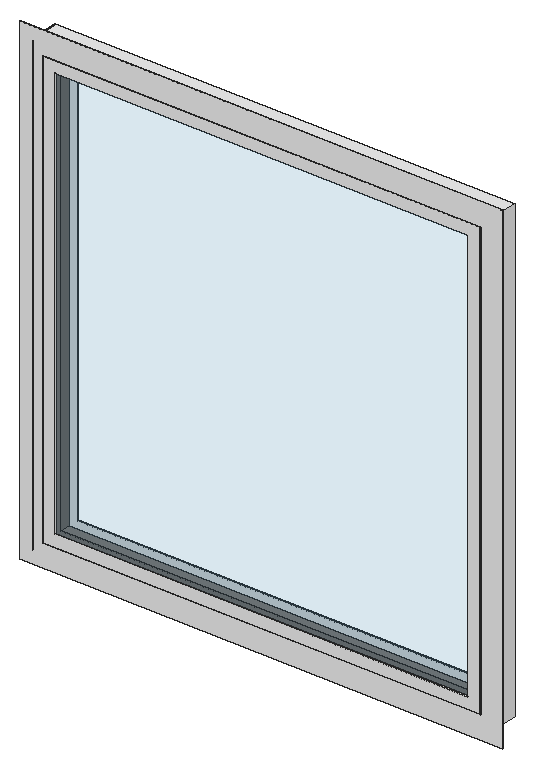
Revit family "Casement_28_G_Top_Hung_Standard", category Windows, host Wall, Revit 2014
Parameters (values of type "Casement_Sash_DG")
  Width Sash [instance] = 30 mm
  Width Sash Inner = 15 mm
  Width Bead = 15 mm
  Top Hung [instance] = yes
  Side Hung Right [instance] = yes
  Side Hung Left [instance] = yes
  Sash Opening Width [instance] = 600 mm
  Sash Opening Height [instance] = 600.312 mm
  Sash Lip = 15 mm
  Glazing Material [instance] = Glass
  DG Start Piece 2 [instance] = DG End Piece 1 + DG Gasket Thickness  # 25 mm
  DG Start Peice 1 [instance] = (Depth Sash - (2 * DG Glazing Thickness) - DG Gasket Thickness) / 2  # 6.6 mm
  Glazing Offset = 5 mm
  DG Glazing Thickness [instance] = 6.4 mm
  DG Gasket Thickness = 12 mm  # constant formula
  DG Gasket Material [instance] = Double Glazing Gasket Material
  DG End Piece 2 [instance] = DG Start Piece 2 + DG Glazing Thickness  # 31.4 mm
  DG End Piece 1 [instance] = DG Start Peice 1 + DG Glazing Thickness  # 13 mm
  Depth Sash [instance] = 38 mm
  Center Vertical Sash [instance] = Sash Opening Height / 2  # 300.156 mm
  Center Horizontal Sash [instance] = Sash Opening Width / 2  # 300 mm
  Bottom Hung [instance] = yes
  Bead Offset = 15 mm
  Aluminium Thickness = 1 mm
  Aluminium Material [instance] = White Powder Coated Aluminium
Reference planes
  plane 1 "Center (Front/Back)": y = 0
  plane 2: z = 0
  plane 3 "Center (Left/Right)": x = 0
Forms (mm)
  Sweep 1, solid, material "White Powder Coated Aluminium" <- "Aluminium Material"
    path origin (16.177, 0, 121.331) x (1, 0, 0) y (0, 0, 1)
      loop
        line (0, 0) -> (600, 0) -> (600, 600.312) -> (0, 600.312) -> (0, 0)
    profile origin (316.177, 0, 121.331) x (0, 0, 1) y (0, -1, 0)
      loop
        line (0, 0) -> (30, 0) -> (30, 1) -> (15, 1) -> (15, 38) -> (-15, 38) -> (-15, 37) -> (0, 37) -> (0, 0)
      loop
        line (14, 1) -> (14, 37) -> (1, 37) -> (1, 1) -> (14, 1)
  Sweep 2, solid, material "White Powder Coated Aluminium" <- "Aluminium Material"
    path origin (0, 0, 0) x (1, 0, 0) y (0, 0, 1)
      loop
        line (31.177, 706.643) -> (31.177, 136.331) -> (601.177, 136.331) -> (601.177, 706.643) -> (31.177, 706.643)
    profile origin (316.177, 0, 706.643) x (0, 0, 1) y (0, -1, 0)
      loop
        line (0, 37) -> (0, 38) -> (-15, 38) -> (-15, 37) -> (0, 37)
  Extrusion 3, solid, material "Glass" <- "Glazing Material"
    sketch origin (0, 0, 0) x (1, 0, 0) y (0, 0, 1)
      loop
        line (36.177, 701.643) -> (36.177, 141.331) -> (596.177, 141.331) -> (596.177, 701.643) -> (36.177, 701.643)
    from 6.6 <- "DG Start Peice 1" to 13 <- "DG End Piece 1"
  Extrusion 4, solid, material "Glass" <- "Glazing Material"
    sketch origin (0, 0, 0) x (1, 0, 0) y (0, 0, 1)
      loop
        line (36.177, 701.643) -> (36.177, 141.331) -> (596.177, 141.331) -> (596.177, 701.643) -> (36.177, 701.643)
    from 31.4 <- "DG End Piece 2" to 25 <- "DG Start Piece 2"
  Sweep 5, solid, material "Double Glazing Gasket Material" <- "DG Gasket Material"
    path origin (0, -13, 0) x (1, 0, 0) y (0, 0, 1)
      loop
        line (36.177, 701.643) -> (36.177, 141.331) -> (596.177, 141.331) -> (596.177, 701.643) -> (36.177, 701.643)
    profile origin (316.177, -13, 701.643) x (0, 0, 1) y (0, -1, 0)
      loop
        line (0, 0) -> (0, 12) -> (-7.96, 12) -> (-7.96, 0) -> (0, 0)
Lines and regions (mm)
  model lines
    curve 1: line (1.177, -38, 736.643) -> (31.177, -38, 706.643)
    curve 2: line (601.177, -38, 706.643) -> (631.177, -38, 736.643)
    curve 3: line (601.177, -38, 136.331) -> (631.177, -38, 106.331)
    curve 4: line (1.177, -38, 106.331) -> (31.177, -38, 136.331)
    curve 5: line (631.177, -37, 736.643) -> (616.177, -37, 721.643)
    curve 6: line (1.177, -37, 736.643) -> (16.177, -37, 721.643)
    curve 7: line (1.177, -37, 106.331) -> (16.177, -37, 121.331)
    curve 8: line (631.177, -37, 106.331) -> (616.177, -37, 121.331)
    curve 9: line (616.177, 0, 121.331) -> (586.177, 0, 151.331)
    curve 10: line (46.177, 0, 151.331) -> (16.177, 0, 121.331)
    curve 11: line (616.177, 0, 721.643) -> (586.177, 0, 691.643)
    curve 12: line (46.177, 0, 691.643) -> (16.177, 0, 721.643)
    curve 13: line (31.177, -38, 691.643) -> (46.177, -38, 691.643)
    curve 14: line (586.177, -38, 691.643) -> (601.177, -38, 691.643)
    curve 15: line (586.177, -38, 151.331) -> (601.177, -38, 151.331)
    curve 16: line (31.177, -38, 151.331) -> (46.177, -38, 151.331)
  model lines, style "GenericModelHiddenLines", visible <- "Top Hung"
    curve 17: line (46.386, -31.4, 690.914) -> (316.177, -31.4, 151.331)
    curve 18: line (316.177, -31.4, 151.331) -> (586.177, -31.4, 691.331)
  model lines, style "GenericModelHiddenLines", visible <- "Bottom Hung"
    curve 19: line (46.177, -31.4, 151.331) -> (316.177, -31.4, 691.331)
    curve 20: line (316.177, -31.4, 691.331) -> (586.177, -31.4, 151.331)
  model lines, style "GenericModelHiddenLines", visible <- "Side Hung Left"
    curve 21: line (46.386, -31.4, 690.914) -> (585.24, -31.4, 421.487)
    curve 22: line (585.24, -31.4, 421.487) -> (46.177, -31.4, 151.331)
  model lines, style "GenericModelHiddenLines", visible <- "Side Hung Right"
    curve 23: line (586.177, -31.4, 691.331) -> (46.177, -31.4, 421.487)
    curve 24: line (46.177, -31.4, 421.487) -> (586.177, -31.4, 151.331)
Dimensions and locks
  "Aluminium Thickness": Sweep 1 sketch curve to Sweep 1 sketch curve  (x4)
  "Depth Sash": Sweep 1 sketch curve to Sweep 1 sketch curve
  "Sash Opening Width": Sweep 1 to Sweep 1
  "Sash Opening Height": Sweep 1 to Sweep 1
  "Width Sash": Sweep 1 sketch curve to Sweep 1 sketch curve  (x2)
  "Width Sash Inner": Sweep 1 sketch curve to Sweep 1 sketch curve
  "Sash Lip": Sweep 1 sketch curve to Sweep 1 sketch curve
  "Aluminium Thickness": Sweep 1 to Sweep 2 sketch curve
  "Glazing Offset": Sweep 2 to Extrusion 3 sketch curve  (x3)
  "Glazing Offset": Extrusion 3 sketch curve to Sweep 2
  Sweep 1 to Sweep 1 = 1 mm
  "Aluminium Thickness": Sweep 2 sketch curve to Sweep 2 sketch curve
  "Width Bead": Sweep 2 sketch curve to Sweep 2 sketch curve
  locked: Sweep 5 sketch curve to Sweep 5 sketch curve at 7.96
  "Center Horizontal Sash": Sweep 1 to curve 18
  "Center Horizontal Sash": Sweep 1 to curve 20
  "Center Vertical Sash": Sweep 1 to curve 22
  "Center Vertical Sash": Sweep 1 to curve 24
  aligned and locked: level to plane 2
  aligned and locked: Sweep 1 sketch curve to Sweep 1 sketch curve  (x2)
  aligned and locked: Sweep 2 sketch curve to Sweep 1  (x5)
  aligned and locked: Extrusion 4 sketch curve to Extrusion 3  (x4)
  aligned and locked: Sweep 5 sketch curve to Extrusion 3  (x5)
  aligned and locked: Extrusion 3 to Sweep 5 sketch curve
Automatic sketch dimensions
  plane 3 "Center (Left/Right)" to Sweep 1 sketch curve = 16.177 mm
  level to Sweep 1 sketch curve = 121.331 mm
  plane 3 "Center (Left/Right)" to Sweep 1 sketch curve = 616.177 mm
  level to Sweep 1 sketch curve = 721.643 mm
  profile plane to Sweep 5 sketch curve = 12 mm
  curve 7 to Sweep 1 = 0 mm  (x4)
  curve 6 to Sweep 1 = 0 mm  (x3)
  Sweep 1 to curve 6 = 0 mm
  curve 5 to Sweep 1 = 0 mm  (x3)
  curve 8 to Sweep 1 = 0 mm  (x4)
  Sweep 1 to curve 5 = 0 mm
  curve 16 to Sweep 2 = 0 mm  (x3)
  curve 13 to Sweep 2 = 0 mm  (x3)
  curve 15 to Sweep 2 = 0 mm
  Sweep 2 to curve 15 = 0 mm  (x2)
  curve 14 to Sweep 2 = 0 mm  (x2)
  Sweep 2 to curve 14 = 0 mm
  curve 1 to Sweep 1 = 0 mm  (x4)
  curve 4 to Sweep 1 = 0 mm  (x3)
  Sweep 1 to curve 4 = 0 mm
  curve 3 to Sweep 1 = 0 mm  (x3)
  curve 2 to Sweep 1 = 0 mm  (x4)
  Sweep 1 to curve 3 = 0 mm
  curve 10 to Sweep 1 = 0 mm  (x4)
  curve 12 to Sweep 1 = 0 mm  (x3)
  Sweep 1 to curve 12 = 0 mm
  curve 9 to Sweep 1 = 0 mm  (x4)
  curve 11 to Sweep 1 = 0 mm  (x3)
  Sweep 1 to curve 11 = 0 mm
  Sweep 1 sketch curve to plane 1 "Center (Front/Back)" = 0 mm
  profile plane to Sweep 1 sketch curve = 0 mm
  curve 21 to Extrusion 4 = 10.208 mm
  curve 19 to Extrusion 4 = 10 mm
  curve 23 to Extrusion 4 = 10 mm  (x2)
  curve 22 to Extrusion 4 = 10.937 mm
  curve 20 to Extrusion 4 = 10 mm
  curve 24 to Extrusion 4 = 10 mm
  curve 22 to Extrusion 4 = 10 mm
  curve 18 to Extrusion 4 = 10 mm
  curve 21 to Extrusion 4 = 10.729 mm
  curve 19 to Extrusion 4 = 10.312 mm
  curve 18 to Extrusion 4 = 10.312 mm
Types in the file's own list only (12): name | Windload Design | Width Sash Opening | Width Sash 2 | Width Sash 1 | Width Profile | Width Panel 4 | Width Panel 2 | Width Panel 1 | Width | URL | Rough Width | Max Pane Area | Limit Sash Height Bottom Min | Limit Sash Height Bottom Max | Limit Sash Bottom Height Max Based On Top Sash | Limit Fixed Pane Width Min | Limit Fixed Pane Width Max | Limit Fixed Pane Height Min | Limit Fixed Pane Height Max | Intruderprufe U Value | Intruderprufe SHGC Value | Intruderprufe LowE U Value | Intruderprufe LowE SHGC Value | Height Sash Top Opening | Height Sash Bottom Opening | Height | Energy Advantage U Value | Energy Advantage SHGC Value | Custom Window Width | Custom Window Height | Custom Windload | Custom Sash Width | Single Glazing | Sash Spacing Inner | Sash Overlap | Sash Center Offset | SG Gasket Thickness | Offset Window Exterior | Offset Sash Left | Offset Sash 2 Top | Offset Sash 1 Top | Offset Panel 4 Left | Offset Mullion Left | Offset Transom 1 Top | Offset Bead SG Center Reversed | Model | Manufacturer | Limit Window Width Min | Limit Window Width Max | Limit Window Height Max | Limit Sash Width Min | Limit Sash Width Max | Limit Sash Height Top Min | Limit Sash Height Top Max | Length Transom | Length Mullion | Height Sash 2 | Height Sash 1 | Height Panel 4 | Height Panel 2 | Height Panel 1 | Description | Depth Mullion | Frame Center Offset | Depth Bead | Default Sill Height | Wall Closure | Mullion Depth Windload Based | Window Exterior Offset | Custom Sash Height Top | Custom Sash Height Bottom | Clearvue U Value | Clearvue SHGC Value | Casement Dimension | Bottom Hung | Bead SG Gap | Area Pane Right | Area Pane Left Top | Area Pane Left Bottom
  28-1212DT-1000Pa | 1000 mm | 569 mm | 539 mm | 539 mm | 30 mm | 545 mm | 555 mm | 555 mm | 1190 mm | "http://www.crealco.co.za/crealco-products.php" | 16 mm | 0.60 m² | 300 mm | 600 mm | 1229 mm | 200 mm | 1500 mm | 200 mm | 1800 mm | 8.22 | 0.785 | 6.11 | 0.705 | 569 mm | 569 mm | 1200 mm | 6.37 | 0.732 | 1190 mm | 1190 mm | 1000 mm | 569 mm | Yes | 8 mm | 7 mm | 11 mm | 6 mm | 14 mm | 23 mm | 608 mm | 23 mm | 615 mm | 585 mm | 585 mm | 14 mm | "Casement 28" | "Crealco" | 845 mm | 2145 mm | 1860 mm | 300 mm | 900 mm | 300 mm | 600 mm | 555 mm | 1200 mm | 539 mm | 539 mm | 1140 mm | 555 mm | 555 mm | "Window 28mm, Type G top hung" | 54 mm | 14 mm | 14 mm | 800 mm | By host | 54 mm | 0 mm | 569 mm | 569 mm | 8.3 | 0.817 | 28 mm | No | 13 mm | 0.60 m² | 0.25 m² | 0.25 m²
  28-1512DT-1000Pa | 1000 mm | 569 mm | 539 mm | 539 mm | 30 mm | 845 mm | 555 mm | 555 mm | 1490 mm | "http://www.crealco.co.za/crealco-products.php" | 16 mm | 0.94 m² | 300 mm | 600 mm | 1229 mm | 200 mm | 1500 mm | 200 mm | 1800 mm | 8.78 | 0.887 | 6.35 | 0.794 | 569 mm | 569 mm | 1200 mm | 6.62 | 0.826 | 1490 mm | 1190 mm | 1000 mm | 569 mm | Yes | 8 mm | 7 mm | 11 mm | 6 mm | 14 mm | 23 mm | 608 mm | 23 mm | 615 mm | 585 mm | 585 mm | 14 mm | "Casement 28" | "Crealco" | 845 mm | 2145 mm | 1860 mm | 300 mm | 900 mm | 300 mm | 600 mm | 555 mm | 1200 mm | 539 mm | 539 mm | 1140 mm | 555 mm | 555 mm | "Window 28mm, Type G top hung" | 54 mm | 14 mm | 14 mm | 800 mm | By host | 54 mm | 0 mm | 569 mm | 569 mm | 8.82 | 0.928 | 28 mm | No | 13 mm | 0.94 m² | 0.25 m² | 0.25 m²
  28-1812DT-1000Pa | 1000 mm | 854 mm | 824 mm | 824 mm | 30 mm | 860 mm | 840 mm | 840 mm | 1790 mm | "http://www.crealco.co.za/crealco-products.php" | 16 mm | 0.96 m² | 300 mm | 600 mm | 1229 mm | 200 mm | 1500 mm | 200 mm | 1800 mm | 8.13 | 0.838 | 5.85 | 0.751 | 569 mm | 569 mm | 1200 mm | 6.11 | 0.78 | 1790 mm | 1190 mm | 1000 mm | 854 mm | Yes | 8 mm | 7 mm | 11 mm | 6 mm | 14 mm | 23 mm | 608 mm | 23 mm | 900 mm | 870 mm | 585 mm | 14 mm | "Casement 28" | "Crealco" | 1130 mm | 2430 mm | 1860 mm | 300 mm | 900 mm | 300 mm | 600 mm | 840 mm | 1200 mm | 539 mm | 539 mm | 1140 mm | 555 mm | 555 mm | "Window 28mm, Type G top hung" | 54 mm | 14 mm | 14 mm | 800 mm | By host | 54 mm | 0 mm | 569 mm | 569 mm | 8.2 | 0.872 | 28 mm | No | 13 mm | 0.96 m² | 0.39 m² | 0.39 m²
  28-2412DT-1000Pa | 1000 mm | 854 mm | 824 mm | 824 mm | 30 mm | 1460 mm | 840 mm | 840 mm | 2390 mm | "http://www.crealco.co.za/crealco-products.php" | 16 mm | 1.64 m² | 300 mm | 600 mm | 1229 mm | 200 mm | 1500 mm | 200 mm | 1800 mm | 8.78 | 0.958 | 6.21 | 0.855 | 569 mm | 569 mm | 1200 mm | 7.9 | 0 | 2390 mm | 1190 mm | 1000 mm | 854 mm | Yes | 8 mm | 7 mm | 11 mm | 6 mm | 14 mm | 23 mm | 608 mm | 23 mm | 900 mm | 870 mm | 585 mm | 14 mm | "Casement 28" | "Crealco" | 1130 mm | 2430 mm | 1860 mm | 300 mm | 900 mm | 300 mm | 600 mm | 840 mm | 1200 mm | 539 mm | 539 mm | 1140 mm | 555 mm | 555 mm | "Window 28mm, Type G top hung" | 54 mm | 14 mm | 14 mm | 800 mm | By host | 54 mm | 0 mm | 569 mm | 569 mm | 7.9 | 0 | 28 mm | No | 13 mm | 1.64 m² | 0.39 m² | 0.39 m²
  28-1212DT-1500Pa | 1500 mm | 569 mm | 539 mm | 539 mm | 30 mm | 545 mm | 555 mm | 555 mm | 1190 mm | "http://www.crealco.co.za/crealco-products.php" | 16 mm | 0.60 m² | 300 mm | 600 mm | 1229 mm | 200 mm | 1500 mm | 200 mm | 1800 mm | 8.22 | 0.785 | 6.11 | 0.705 | 569 mm | 569 mm | 1200 mm | 6.37 | 0.732 | 1190 mm | 1190 mm | 1500 mm | 569 mm | Yes | 8 mm | 7 mm | 11 mm | 6 mm | 14 mm | 23 mm | 608 mm | 23 mm | 615 mm | 585 mm | 585 mm | 14 mm | "Casement 28" | "Crealco" | 845 mm | 2145 mm | 1860 mm | 300 mm | 900 mm | 300 mm | 600 mm | 555 mm | 1200 mm | 539 mm | 539 mm | 1140 mm | 555 mm | 555 mm | "Window 28mm, Type G top hung" | 54 mm | 14 mm | 14 mm | 800 mm | By host | 54 mm | 0 mm | 569 mm | 569 mm | 8.3 | 0.817 | 28 mm | No | 13 mm | 0.60 m² | 0.25 m² | 0.25 m²
  28-1212DT-2000Pa | 2000 mm | 569 mm | 539 mm | 539 mm | 30 mm | 545 mm | 555 mm | 555 mm | 1190 mm | "http://www.crealco.co.za/crealco-products.php" | 16 mm | 0.60 m² | 300 mm | 600 mm | 1229 mm | 200 mm | 1500 mm | 200 mm | 1800 mm | 8.22 | 0.785 | 6.11 | 0.705 | 569 mm | 569 mm | 1200 mm | 6.37 | 0.732 | 1190 mm | 1190 mm | 2000 mm | 569 mm | Yes | 8 mm | 7 mm | 11 mm | 6 mm | 14 mm | 23 mm | 608 mm | 23 mm | 615 mm | 585 mm | 585 mm | 14 mm | "Casement 28" | "Crealco" | 845 mm | 2145 mm | 1860 mm | 300 mm | 900 mm | 300 mm | 600 mm | 555 mm | 1200 mm | 539 mm | 539 mm | 1140 mm | 555 mm | 555 mm | "Window 28mm, Type G top hung" | 54 mm | 14 mm | 14 mm | 800 mm | By host | 54 mm | 0 mm | 569 mm | 569 mm | 8.3 | 0.817 | 28 mm | No | 13 mm | 0.60 m² | 0.25 m² | 0.25 m²
  28-1512DT-1500Pa | 1500 mm | 569 mm | 539 mm | 539 mm | 30 mm | 845 mm | 555 mm | 555 mm | 1490 mm | "http://www.crealco.co.za/crealco-products.php" | 16 mm | 0.94 m² | 300 mm | 600 mm | 1229 mm | 200 mm | 1500 mm | 200 mm | 1800 mm | 8.78 | 0.887 | 6.35 | 0.794 | 569 mm | 569 mm | 1200 mm | 6.62 | 0.826 | 1490 mm | 1190 mm | 1500 mm | 569 mm | Yes | 8 mm | 7 mm | 11 mm | 6 mm | 14 mm | 23 mm | 608 mm | 23 mm | 615 mm | 585 mm | 585 mm | 14 mm | "Casement 28" | "Crealco" | 845 mm | 2145 mm | 1860 mm | 300 mm | 900 mm | 300 mm | 600 mm | 555 mm | 1200 mm | 539 mm | 539 mm | 1140 mm | 555 mm | 555 mm | "Window 28mm, Type G top hung" | 54 mm | 14 mm | 14 mm | 800 mm | By host | 54 mm | 0 mm | 569 mm | 569 mm | 8.82 | 0.928 | 28 mm | No | 13 mm | 0.94 m² | 0.25 m² | 0.25 m²
  28-1512DT-2000Pa | 2000 mm | 569 mm | 539 mm | 539 mm | 30 mm | 845 mm | 555 mm | 555 mm | 1490 mm | "http://www.crealco.co.za/crealco-products.php" | 16 mm | 0.94 m² | 300 mm | 600 mm | 1229 mm | 200 mm | 1500 mm | 200 mm | 1800 mm | 8.78 | 0.887 | 6.35 | 0.794 | 569 mm | 569 mm | 1200 mm | 6.62 | 0.826 | 1490 mm | 1190 mm | 2000 mm | 569 mm | Yes | 8 mm | 7 mm | 11 mm | 6 mm | 14 mm | 23 mm | 608 mm | 23 mm | 615 mm | 585 mm | 585 mm | 14 mm | "Casement 28" | "Crealco" | 845 mm | 2145 mm | 1860 mm | 300 mm | 900 mm | 300 mm | 600 mm | 555 mm | 1200 mm | 539 mm | 539 mm | 1140 mm | 555 mm | 555 mm | "Window 28mm, Type G top hung" | 54 mm | 14 mm | 14 mm | 800 mm | By host | 54 mm | 0 mm | 569 mm | 569 mm | 8.82 | 0.928 | 28 mm | No | 13 mm | 0.94 m² | 0.25 m² | 0.25 m²
  28-1812DT-1500Pa | 1500 mm | 854 mm | 824 mm | 824 mm | 30 mm | 860 mm | 840 mm | 840 mm | 1790 mm | "http://www.crealco.co.za/crealco-products.php" | 16 mm | 0.96 m² | 300 mm | 600 mm | 1229 mm | 200 mm | 1500 mm | 200 mm | 1800 mm | 8.13 | 0.838 | 5.85 | 0.751 | 569 mm | 569 mm | 1200 mm | 6.11 | 0.78 | 1790 mm | 1190 mm | 1500 mm | 854 mm | Yes | 8 mm | 7 mm | 11 mm | 6 mm | 14 mm | 23 mm | 608 mm | 23 mm | 900 mm | 870 mm | 585 mm | 14 mm | "Casement 28" | "Crealco" | 1130 mm | 2430 mm | 1860 mm | 300 mm | 900 mm | 300 mm | 600 mm | 840 mm | 1200 mm | 539 mm | 539 mm | 1140 mm | 555 mm | 555 mm | "Window 28mm, Type G top hung" | 54 mm | 14 mm | 14 mm | 800 mm | By host | 54 mm | 0 mm | 569 mm | 569 mm | 8.2 | 0.872 | 28 mm | No | 13 mm | 0.96 m² | 0.39 m² | 0.39 m²
  28-1812DT-2000Pa | 2000 mm | 854 mm | 824 mm | 824 mm | 30 mm | 860 mm | 840 mm | 840 mm | 1790 mm | "http://www.crealco.co.za/crealco-products.php" | 16 mm | 0.96 m² | 300 mm | 600 mm | 1229 mm | 200 mm | 1500 mm | 200 mm | 1800 mm | 8.13 | 0.838 | 5.85 | 0.751 | 569 mm | 569 mm | 1200 mm | 6.11 | 0.78 | 1790 mm | 1190 mm | 2000 mm | 854 mm | Yes | 8 mm | 7 mm | 11 mm | 6 mm | 14 mm | 23 mm | 608 mm | 23 mm | 900 mm | 870 mm | 585 mm | 14 mm | "Casement 28" | "Crealco" | 1130 mm | 2430 mm | 1860 mm | 300 mm | 900 mm | 300 mm | 600 mm | 840 mm | 1200 mm | 539 mm | 539 mm | 1140 mm | 555 mm | 555 mm | "Window 28mm, Type G top hung" | 54 mm | 14 mm | 14 mm | 800 mm | By host | 54 mm | 0 mm | 569 mm | 569 mm | 8.2 | 0.872 | 28 mm | No | 13 mm | 0.96 m² | 0.39 m² | 0.39 m²
  28-2412DT-1500Pa | 1500 mm | 854 mm | 824 mm | 824 mm | 30 mm | 1460 mm | 840 mm | 840 mm | 2390 mm | "http://www.crealco.co.za/crealco-products.php" | 16 mm | 1.64 m² | 300 mm | 600 mm | 1229 mm | 200 mm | 1500 mm | 200 mm | 1800 mm | 8.78 | 0.958 | 6.21 | 0.855 | 569 mm | 569 mm | 1200 mm | 7.9 | 0 | 2390 mm | 1190 mm | 1500 mm | 854 mm | Yes | 8 mm | 7 mm | 11 mm | 6 mm | 14 mm | 23 mm | 608 mm | 23 mm | 900 mm | 870 mm | 585 mm | 14 mm | "Casement 28" | "Crealco" | 1130 mm | 2430 mm | 1860 mm | 300 mm | 900 mm | 300 mm | 600 mm | 840 mm | 1200 mm | 539 mm | 539 mm | 1140 mm | 555 mm | 555 mm | "Window 28mm, Type G top hung" | 54 mm | 14 mm | 14 mm | 800 mm | By host | 54 mm | 0 mm | 569 mm | 569 mm | 7.9 | 0 | 28 mm | No | 13 mm | 1.64 m² | 0.39 m² | 0.39 m²
  28-2412DT-2000Pa | 2000 mm | 854 mm | 824 mm | 824 mm | 30 mm | 1460 mm | 840 mm | 840 mm | 2390 mm | "http://www.crealco.co.za/crealco-products.php" | 16 mm | 1.64 m² | 300 mm | 600 mm | 1229 mm | 200 mm | 1500 mm | 200 mm | 1800 mm | 8.78 | 0.958 | 6.21 | 0.855 | 569 mm | 569 mm | 1200 mm | 7.9 | 0 | 2390 mm | 1190 mm | 2000 mm | 854 mm | Yes | 8 mm | 7 mm | 11 mm | 6 mm | 14 mm | 23 mm | 608 mm | 23 mm | 900 mm | 870 mm | 585 mm | 14 mm | "Casement 28" | "Crealco" | 1130 mm | 2430 mm | 1860 mm | 300 mm | 900 mm | 300 mm | 600 mm | 840 mm | 1200 mm | 539 mm | 539 mm | 1140 mm | 555 mm | 555 mm | "Window 28mm, Type G top hung" | 54 mm | 14 mm | 14 mm | 800 mm | By host | 54 mm | 0 mm | 569 mm | 569 mm | 7.9 | 0 | 28 mm | No | 13 mm | 1.64 m² | 0.39 m² | 0.39 m²
